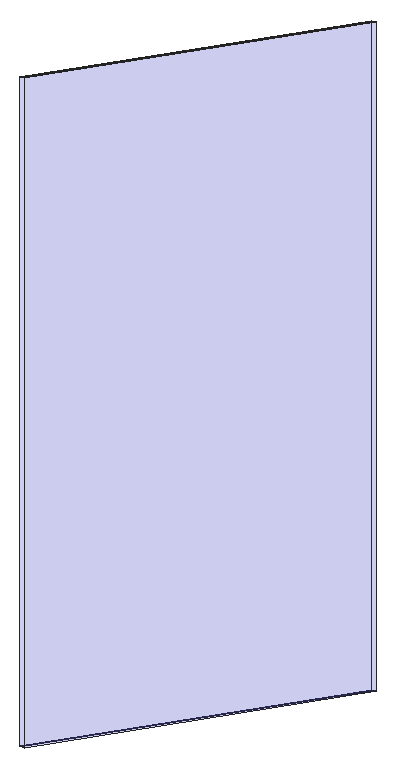
Revit family
Parameters (values of type "600mm w 25mm Side Gap")
  built-in parameter 1008623 [instance] = (empty or 0)
  Thickness [instance] = 6 mm
  built-in parameter 1008625 [instance] = 18.00°
  Post = no
  Panel Top Gap = 0 mm
  Panel Material = Glass
  Width [instance] = 600 mm
  Panel Side Gap = 25 mm
  Panel Bottom Gap = 0 mm
  built-in parameter 1008624 [instance] = (empty or 0)
  built-in parameter 1008622 [instance] = 750 mm
Types (4, lengths in mm): name | Panel Top Gap | Width | Panel Side Gap | Panel Bottom Gap
  (no name) | 0 | 600 | 25 | 0
  600mm w 25mm Side Gap | 0 | 600 | 25 | 0
  450mm w 25mm Side Gap | 0 | 450 | 25 | 0
  600mm w 25mm Top & Bottom Gap | 25 | 600 | 0 | 25
Reference planes
  plane 1 "Center (Front/Back)": y = 0
  plane 2: z = 0
  plane 3 "Center (Left/Right)": x = 3.175
  plane 4 "Top": z = 750
  plane 5 "Slope Angle (Top)": through (0, 220.419, 678.381) normal (0, -0.309, -0.9511)
  plane 6 "Slope Angle (Bottom)": through (0, 0, 0) normal (0, -0.309, -0.9511)
  plane 7 "Front": y = 300
  plane 8 "Back": y = -300
  plane 9: x = 0.175
  plane 10: x = 6.175
Forms (mm)
  Extrusion 1, solid, material "Glass" <- "Panel Material"
    sketch origin (3.175, 0, 0) x (0, 1, 0) y (0, 0, 1)
      loop
        line (275, -89.353) -> (275, 660.647) -> (-275, 839.353) -> (-275, 89.353) -> (275, -89.353)
    from -3 to 3
Lines and regions (mm)
  model lines, style "InvisibleLines"
    curve 1: line (3.175, 300, 652.524) -> (3.175, -300, 847.476)
    curve 2: line (3.175, 300, -97.476) -> (3.175, -300, 97.476)
    curve 3: line (3.175, 275, -89.353) -> (3.175, 275, 660.647)
    curve 4: line (3.175, -275, 89.353) -> (3.175, -275, 839.353)
Text (mm)
  text "Baluster Panel Elevation" at (0, 1279.138, 1234.25), in view "Left"
Dimensions and locks
  "built-in parameter 1008622": plane 2 to plane 4 "Top"
  "Width": plane 8 "Back" to plane 7 "Front"
  equal spacing: plane 8 "Back", plane 1 "Center (Front/Back)", plane 7 "Front"
  "Thickness": plane 9 to plane 10
  equal spacing: plane 9, plane 3 "Center (Left/Right)", plane 10
  "Panel Top Gap": curve 1 to plane 5 "Slope Angle (Top)"  (x2)
  "Panel Bottom Gap": plane 6 "Slope Angle (Bottom)" to curve 2  (x2)
  "Panel Side Gap": plane 7 "Front" to curve 3  (x2)
  "Panel Side Gap": curve 4 to plane 8 "Back"  (x2)
  "built-in parameter 1008625": angle plane 4 "Top" to plane 5 "Slope Angle (Top)"
  "built-in parameter 1008625": angle level to plane 6 "Slope Angle (Bottom)"
  aligned and locked: plane 9 to Extrusion 1
  aligned and locked: Extrusion 1 to plane 10
  aligned and locked: plane 8 "Back" to curve 2
  aligned and locked: plane 7 "Front" to curve 2
  aligned and locked: plane 5 "Slope Angle (Top)" to curve 4
  aligned and locked: plane 6 "Slope Angle (Bottom)" to curve 4
  aligned and locked: plane 5 "Slope Angle (Top)" to curve 3
  aligned and locked: plane 6 "Slope Angle (Bottom)" to curve 3
  aligned and locked: curve 1 to Extrusion 1 sketch curve
  aligned and locked: Extrusion 1 sketch curve to curve 2
  aligned and locked: Extrusion 1 sketch curve to curve 4
  aligned and locked: curve 3 to Extrusion 1 sketch curve
Automatic sketch dimensions
  curve 1 to plane 7 "Front" = 0 mm
  curve 1 to plane 8 "Back" = 0 mm
